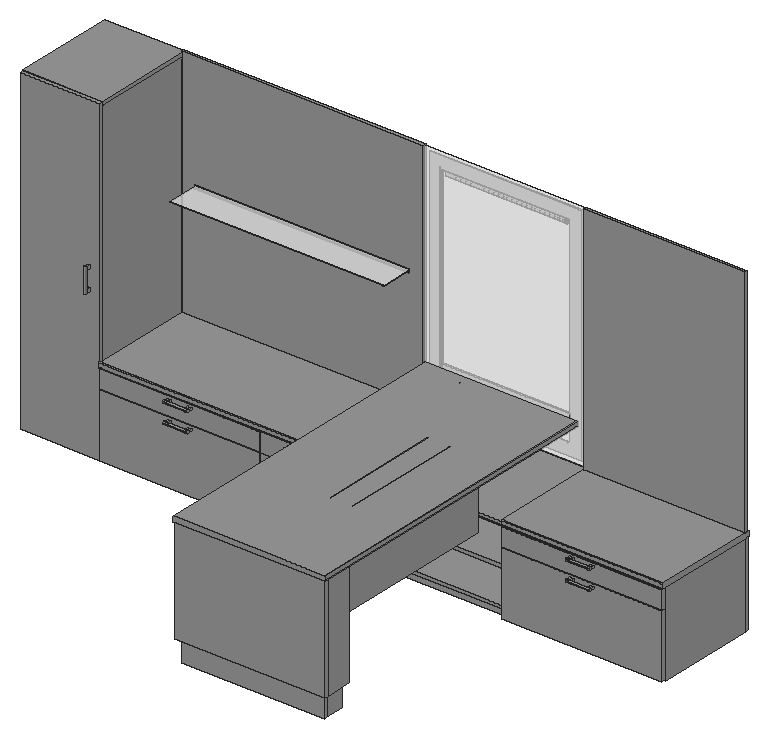
Revit family "JSI-Vision-Typical_Laminate-VST122", category Furniture, Revit 2020 (continued)
Definition of nested family "JSI-Vision-Adj_Height_Peninsula_Desk-Credenza"
  Dimensions and locks (in)
    locked: Extrusion 12 sketch curve to plane 8 at 11.96875
    plane 1 "Center Front/Back" to Extrusion 12 sketch curve to Extrusion 12 sketch curve = 4 3/8" locked, 3/4" locked
    Extrusion 12 to Extrusion 12 to plane 5 = 39 3/4" locked, 7.21481" locked
    equal spacing: plane 7, plane 9, plane 1 "Center Front/Back"
    plane 7 to Extrusion 14 sketch curve to Extrusion 14 sketch curve = 1 5/32" locked, 3/4" locked
    Extrusion 14 sketch curve to Extrusion 14 sketch curve to plane 5 = 6" locked, 0.90231" locked
    plane 3 "Center Left/Right" to Extrusion 15 sketch curve to Extrusion 15 sketch curve to Extrusion 15 sketch curve to Extrusion 15 sketch curve to Extrusion 15 sketch curve to Extrusion 15 sketch curve = 2 27/32" locked, 2 13/16" locked, 3/4" locked, 1/4" locked, 1 3/8" locked, 1/4" locked
    Extrusion 15 sketch curve to Extrusion 15 sketch curve to plane 9 to Extrusion 15 sketch curve to Extrusion 15 sketch curve = 1/4" locked, 1 3/8" locked, 1 3/8" locked, 1/4" locked
    locked: plane 6 to Extrusion 14 at 24.65625
    aligned and locked: level to plane 2
    aligned and locked: plane 6 to Extrusion 1 sketch curve
    aligned and locked: plane 8 to Extrusion 1 sketch curve
    aligned and locked: plane 3 "Center Left/Right" to Extrusion 2 sketch curve
    aligned and locked: Extrusion 2 to plane 1 "Center Front/Back"
    aligned and locked: plane 7 to Extrusion 2
    aligned and locked: Extrusion 3 sketch curve to Extrusion 2
    aligned and locked: Extrusion 4 sketch curve to Extrusion 4 sketch curve  (x2)
    aligned and locked: Extrusion 4 to Extrusion 2
    aligned and locked: Extrusion 4 to plane 4
    aligned and locked: Extrusion 5 sketch curve to plane 3 "Center Left/Right"
    aligned and locked: Extrusion 5 to plane 4
    aligned and locked: Extrusion 5 to Extrusion 2
    aligned and locked: Extrusion 3 to Extrusion 5
    aligned and locked: Extrusion 4 to Extrusion 3
    aligned and locked: Extrusion 7 to Extrusion 6
    aligned and locked: Extrusion 8 to plane 8
    aligned and locked: Extrusion 10 sketch curve to Extrusion 10 sketch curve  (x2)
    aligned and locked: Extrusion 7 to Extrusion 4  (x2)
    aligned and locked: Extrusion 11 sketch curve to Extrusion 7
    aligned and locked: Extrusion 7 to Extrusion 11 sketch curve
    aligned and locked: Extrusion 11 sketch curve to plane 4
    aligned and locked: plane 4 to Extrusion 11 sketch curve
    aligned and locked: Extrusion 11 to Extrusion 4  (x2)
    aligned and locked: Extrusion 12 sketch curve to plane 8
    aligned and locked: Extrusion 13 sketch curve to plane 8  (x2)
    aligned and locked: Extrusion 14 sketch curve to Extrusion 14 sketch curve  (x2)
    aligned and locked: Extrusion 13 to Extrusion 14  (x2)
    aligned and locked: Extrusion 14 to Extrusion 13
    aligned and locked: Extrusion 14 to plane 8
    aligned and locked: Extrusion 2 to nested 2
    aligned and locked: Extrusion 2 to Extrusion 15
    aligned and locked: Extrusion 3 to Extrusion 15
    aligned and locked: Extrusion 8 to Extrusion 14
    aligned and locked: cut or joined group of Extrusion 3, Extrusion 15 to Extrusion 6  (x2)
    aligned and locked: curve 1 to Extrusion 1
    aligned and locked: curve 2 to Extrusion 1
    aligned and locked: curve 3 to Extrusion 1
    aligned and locked: curve 4 to Extrusion 1
    aligned and locked: curve 11 to Extrusion 8
    aligned and locked: curve 12 to Extrusion 8
    aligned and locked: curve 13 to Extrusion 8
    aligned and locked: curve 14 to Extrusion 8
    aligned and locked: curve 23 to Extrusion 12
    aligned and locked: curve 24 to Extrusion 12
    aligned and locked: curve 25 to Extrusion 12
    aligned and locked: curve 26 to Extrusion 12
  Automatic sketch dimensions
    Extrusion 1 sketch curve to Extrusion 1 sketch curve = 0.11811"  (x2)
    Extrusion 1 sketch curve to plane 8 = 1/8"
    Extrusion 1 sketch curve to Extrusion 1 sketch curve = 0"
    plane 3 "Center Left/Right" to Extrusion 4 sketch curve = 3/4"
    Extrusion 4 sketch curve to Extrusion 4 sketch curve = 22 1/8"
    level to Extrusion 6 sketch curve = 1 31/32"
    plane 3 "Center Left/Right" to Extrusion 6 sketch curve = 8.67028"
    Extrusion 6 sketch curve to Extrusion 6 sketch curve = 3/4"
    plane 8 to Extrusion 6 sketch curve = 12 11/32"
    level to Extrusion 7 sketch curve = 9.23844"
    Extrusion 7 sketch curve to Extrusion 7 sketch curve = 3/4"  (x2)
    level to Extrusion 7 sketch curve = 1 31/32"
    Extrusion 7 sketch curve to Extrusion 7 sketch curve = 0.32972"
    Extrusion 13 sketch curve to plane 7 = 1 29/32"
    Extrusion 13 sketch curve to plane 9 = 4 1/8"
    Extrusion 13 sketch curve to Extrusion 13 sketch curve = 1/4"  (x2)
    plane 9 to Extrusion 13 sketch curve = 3 7/8"
    plane 1 "Center Front/Back" to Extrusion 13 sketch curve = 1 29/32"
    Extrusion 13 sketch curve to Extrusion 13 sketch curve = 2 19/32"
    level to Extrusion 13 sketch curve = 4 27/32"
    plane 1 "Center Front/Back" to Extrusion 14 sketch curve = 1 29/32"
    Extrusion 14 sketch curve to Extrusion 14 sketch curve = 3/4"
    Extrusion 15 sketch curve to Extrusion 15 sketch curve = 1/4"
    Extrusion 15 sketch curve to Extrusion 15 sketch curve = 1/8"  (x3)
    Extrusion 15 sketch curve to Extrusion 15 sketch curve = 2 9/16"
    plane 9 to Extrusion 15 sketch curve = 1.40621"
    Extrusion 15 sketch curve to Extrusion 15 sketch curve = 0.03129"
    plane 1 "Center Front/Back" to curve 5 = 0"
    curve 5 to plane 3 "Center Left/Right" = 0"
    plane 7 to curve 7 = 0"
    curve 1 to curve 7 = 22.21087"
    curve 20 to plane 7 = 1 5/32"
    curve 20 to curve 21 = 6"
    plane 1 "Center Front/Back" to curve 16 = 1 5/32"
    curve 20 to curve 18 = 25/32"
    curve 20 to curve 19 = 3/4"
    curve 16 to curve 15 = 3/4"
    curve 10 to curve 9 = 0"
    curve 15 to curve 12 = 0"
    curve 20 to curve 18 = 0"
    curve 9 to curve 23 = 1.28519"
    curve 25 to curve 16 = 5/16"
  Nested families (in)
    nested 1: "Mechanism Credenza" at (0, -18, 0) x (0, 1, 0) z (0, 0, 1), Width <- "Width", Height <- "Height", Upper Leg Finish <- "Upper Leg Finish", Low Leg Finish <- "Low Leg Finish", Support Finish <- "Support Finish", type "Mechanism Credenza"
      with Width 72", Upper Leg Finish none, Support Finish none, Low Leg Finish none, Height 29 1/2"
    nested 2: "Top Grommet" at (7.34375, -18, 19.53125) x (0, -1, 0) z (0, 0, 1), Gromett Finish <- "Grommet Finish", type "Top Grommet"
      with Gromett Finish none
  Definition of nested family "Mechanism Credenza"
    Parameters (values of type "Mechanism Credenza")
      Width [instance] = 71.91413"
      Support Finish [instance] = none
      Low Leg Finish [instance] = none
      Height [instance] = 29 1/2"
      Default Elevation = 0"
      Upper Leg Finish [instance] = none
    Reference planes (in)
      plane 1 "Center (Front/Back)": y = 0
      plane 2: z = 0
      plane 3 "Center (Left/Right)": x = 0
      plane 4: z = 29.5
      plane 5: y = -71.91413
    Forms (in)
      Extrusion 1, solid, material <- "Upper Leg Finish"
        sketch origin (0, 0, 0) x (1, 0, 0) y (0, 1, 0)
          loop
            line (1.09518, -3.07875) -> (-1.05049, -3.07875)
            arc (-1.05049, -3.07875) -> (-1.12009, -3.10758) -> (-1.14892, -3.17718) r 0.09843
            line (-1.14892, -3.17718) -> (-1.14892, -5.32285)
            arc (-1.14892, -5.32285) -> (-1.12009, -5.39244) -> (-1.05049, -5.42127) r 0.09843
            line (-1.05049, -5.42127) -> (1.09518, -5.42127)
            arc (1.09518, -5.42127) -> (1.16477, -5.39244) -> (1.1936, -5.32285) r 0.09843
            line (1.1936, -5.32285) -> (1.1936, -3.17718)
            arc (1.1936, -3.17718) -> (1.16477, -3.10758) -> (1.09518, -3.07875) r 0.09843
          loop
            line (1.09518, -67.36147) -> (-1.05049, -67.36147)
            arc (-1.05049, -67.36147) -> (-1.12009, -67.3903) -> (-1.14892, -67.45989) r 0.09843
            line (-1.14892, -67.45989) -> (-1.14892, -69.60556)
            arc (-1.14892, -69.60556) -> (-1.12009, -69.67516) -> (-1.05049, -69.70399) r 0.09843
            line (-1.05049, -69.70399) -> (1.09518, -69.70399)
            arc (1.09518, -69.70399) -> (1.16477, -69.67516) -> (1.1936, -69.60556) r 0.09843
            line (1.1936, -69.60556) -> (1.1936, -67.45989)
            arc (1.1936, -67.45989) -> (1.16477, -67.3903) -> (1.09518, -67.36147) r 0.09843
        from 2.63878 to 26.43059
      Extrusion 2, solid, material <- "Support Finish"
        sketch origin (0, 0, 0) x (0, 1, 0) y (0, 0, 1)
          loop
            line (-2.08391, 26.43059) -> (-2.08391, 28.19439) -> (-10.74533, 28.19439) -> (-10.74533, 28.006) -> (-10.18323, 28.006) -> (-9.68304, 26.43059) -> (-2.08391, 26.43059)
          loop
            line (-70.66868, 26.43059) -> (-63.06954, 26.43059) -> (-62.56935, 28.006) -> (-62.00726, 28.006) -> (-62.00726, 28.19439) -> (-70.66868, 28.19439) -> (-70.66868, 26.43059)
        from -1.89028 to 1.90897
      Extrusion 3, solid, material <- "Low Leg Finish"
        sketch origin (0, 0, 0) x (1, 0, 0) y (0, 1, 0)
          loop
            arc (-1.25894, -2.84375) -> (-1.34733, -2.88036) -> (-1.38394, -2.96875) r 0.125
            line (-1.38394, -2.96875) -> (-1.38394, -5.53125)
            arc (-1.38394, -5.53125) -> (-1.34733, -5.61964) -> (-1.25894, -5.65625) r 0.125
            line (-1.25894, -5.65625) -> (1.30356, -5.65625)
            arc (1.30356, -5.65625) -> (1.39194, -5.61964) -> (1.42856, -5.53125) r 0.125
            line (1.42856, -5.53125) -> (1.42856, -2.96875)
            arc (1.42856, -2.96875) -> (1.39194, -2.88036) -> (1.30356, -2.84375) r 0.125
            line (1.30356, -2.84375) -> (-1.25894, -2.84375)
          loop
            arc (-1.25894, -67.12648) -> (-1.34733, -67.16309) -> (-1.38394, -67.25148) r 0.125
            line (-1.38394, -67.25148) -> (-1.38394, -69.81398)
            arc (-1.38394, -69.81398) -> (-1.34733, -69.90237) -> (-1.25894, -69.93898) r 0.125
            line (-1.25894, -69.93898) -> (1.30356, -69.93898)
            arc (1.30356, -69.93898) -> (1.39194, -69.90237) -> (1.42856, -69.81398) r 0.125
            line (1.42856, -69.81398) -> (1.42856, -67.25148)
            arc (1.42856, -67.25148) -> (1.39194, -67.16309) -> (1.30356, -67.12648) r 0.125
            line (1.30356, -67.12648) -> (-1.25894, -67.12648)
        from 2.34351 to 26.07628
      Extrusion 4, solid, material <- "Support Finish"
        sketch origin (0, 0, 0) x (1, 0, 0) y (0, 0, 1)
          loop
            arc (-3.00155, 28.19439) -> (-3.05752, 28.17121) -> (-3.08071, 28.11524) r 0.07915
            line (-3.08071, 28.11524) -> (-3.08071, 27.09142)
            arc (-3.08071, 27.09142) -> (-3.05782, 27.03617) -> (-3.00258, 27.01329) r 0.07813
            line (-3.00258, 27.01329) -> (-1.97781, 27.01329)
            arc (-1.97781, 27.01329) -> (-1.92257, 27.03617) -> (-1.89968, 27.09142) r 0.07813
            line (-1.89968, 27.09142) -> (-1.89968, 28.11627)
            arc (-1.89968, 28.11627) -> (-1.92257, 28.17151) -> (-1.97781, 28.19439) r 0.07813
            line (-1.97781, 28.19439) -> (-3.00155, 28.19439)
          loop
            line (3.00155, 28.19439) -> (1.97781, 28.19439)
            arc (1.97781, 28.19439) -> (1.92257, 28.17151) -> (1.89968, 28.11627) r 0.07813
            line (1.89968, 28.11627) -> (1.89968, 27.09142)
            arc (1.89968, 27.09142) -> (1.92257, 27.03617) -> (1.97781, 27.01329) r 0.07813
            line (1.97781, 27.01329) -> (3.00258, 27.01329)
            arc (3.00258, 27.01329) -> (3.05782, 27.03617) -> (3.08071, 27.09142) r 0.07813
            line (3.08071, 27.09142) -> (3.08071, 28.11524)
            arc (3.08071, 28.11524) -> (3.05752, 28.17121) -> (3.00155, 28.19439) r 0.07915
        from 2.00714 to 22.37918
      Extrusion 5, solid, material <- "Support Finish"
        sketch origin (0, -17, 0) x (1, 0, 0) y (0, 0, 1)
          loop
            arc (1.97884, 28.19439) -> (1.92287, 28.17121) -> (1.89968, 28.11524) r 0.07915
            line (1.89968, 28.11524) -> (1.89968, 27.09142)
            arc (1.89968, 27.09142) -> (1.92257, 27.03617) -> (1.97781, 27.01329) r 0.07813
            line (1.97781, 27.01329) -> (3.00374, 27.01329)
            arc (3.00374, 27.01329) -> (3.05816, 27.03583) -> (3.08071, 27.09025) r 0.07696
            line (3.08071, 27.09025) -> (3.08071, 28.11627)
            arc (3.08071, 28.11627) -> (3.05782, 28.17151) -> (3.00258, 28.19439) r 0.07813
            line (3.00258, 28.19439) -> (1.97884, 28.19439)
          loop
            line (-1.97884, 28.19439) -> (-3.00258, 28.19439)
            arc (-3.00258, 28.19439) -> (-3.05782, 28.17151) -> (-3.08071, 28.11627) r 0.07813
            line (-3.08071, 28.11627) -> (-3.08071, 27.09142)
            arc (-3.08071, 27.09142) -> (-3.05782, 27.03617) -> (-3.00258, 27.01329) r 0.07813
            line (-3.00258, 27.01329) -> (-1.97781, 27.01329)
            arc (-1.97781, 27.01329) -> (-1.92257, 27.03617) -> (-1.89968, 27.09142) r 0.07813
            line (-1.89968, 27.09142) -> (-1.89968, 28.11524)
            arc (-1.89968, 28.11524) -> (-1.92287, 28.17121) -> (-1.97884, 28.19439) r 0.07915
        from 33.37475 to 53.7468
      Extrusion 6, solid, material <- "Support Finish"
        sketch origin (0.22987, 0, 0) x (0, 1, 0) y (0, 0, 1)
          loop
            line (-1.88903, 26.00187) -> (-1.88903, 28.15611)
            arc (-1.88903, 28.15611) -> (-1.93483, 28.26669) -> (-2.04542, 28.3125) r 0.15639
            line (-2.04542, 28.3125) -> (-4.44808, 28.3125) -> (-4.44808, 28.19439) -> (-2.04533, 28.19439)
            arc (-2.04533, 28.19439) -> (-2.01832, 28.18321) -> (-2.00714, 28.1562) r 0.03819
            line (-2.00714, 28.1562) -> (-2.00714, 26.00187) -> (-1.88903, 26.00187)
          loop
            line (-70.86491, 26.00187) -> (-70.7468, 26.00187) -> (-70.7468, 28.1562)
            arc (-70.7468, 28.1562) -> (-70.73561, 28.18321) -> (-70.70861, 28.19439) r 0.03819
            line (-70.70861, 28.19439) -> (-68.30586, 28.19439) -> (-68.30586, 28.3125) -> (-70.70852, 28.3125)
            arc (-70.70852, 28.3125) -> (-70.8191, 28.26669) -> (-70.86491, 28.15611) r 0.15639
            line (-70.86491, 28.15611) -> (-70.86491, 26.00187)
        from -9.60269 to 9.15282
      Extrusion 7, void
        sketch origin (0, 0, 0) x (1, 0, 0) y (0, 0, 1)
          loop
            line (-2.79029, 26.74713) -> (-8.93675, 27.38618)
            arc (-8.93675, 27.38618) -> (-9.17651, 27.50808) -> (-9.27297, 27.75917) r 0.375
            line (-9.27297, 27.75917) -> (-9.27297, 28.49501) -> (-9.54129, 28.49501) -> (-9.54129, 25.74501) -> (-2.04129, 25.74501) -> (-2.04129, 25.99501)
            arc (-2.04129, 25.99501) -> (-2.30982, 26.09635) -> (-2.42804, 26.3579) r 0.37501
            arc (-2.42804, 26.3579) -> (-2.53617, 26.62045) -> (-2.79029, 26.74713) r 0.40427
          loop
            arc (2.79029, 26.74713) -> (2.53617, 26.62045) -> (2.42804, 26.3579) r 0.40427
            arc (2.42804, 26.3579) -> (2.30982, 26.09635) -> (2.04129, 25.99501) r 0.37501
            line (2.04129, 25.99501) -> (2.04129, 25.74501) -> (9.54129, 25.74501) -> (9.54129, 28.49501) -> (9.27297, 28.49501) -> (9.27297, 27.75917)
            arc (9.27297, 27.75917) -> (9.17651, 27.50808) -> (8.93675, 27.38618) r 0.375
            line (8.93675, 27.38618) -> (2.79029, 26.74713)
        from 0 to 71.91413
      Extrusion 8, solid, material <- "Support Finish"
        sketch origin (0, 0, 0) x (1, 0, 0) y (0, 0, 1)
          loop
            line (-2.95998, 28.19439) -> (-2.95998, 27.49106)
            arc (-2.95998, 27.49106) -> (-2.94367, 27.42126) -> (-2.89811, 27.36592) r 0.15748
            arc (-2.89811, 27.36592) -> (-2.46785, 27.22036) -> (-2.03759, 27.36592) r 0.70866
            arc (-2.03759, 27.36592) -> (-1.99204, 27.42126) -> (-1.97573, 27.49106) r 0.15748
            line (-1.97573, 27.49106) -> (-1.97573, 28.19439) -> (-2.95998, 28.19439)
          loop
            line (2.95998, 28.19439) -> (1.97573, 28.19439) -> (1.97573, 27.49106)
            arc (1.97573, 27.49106) -> (1.99204, 27.42126) -> (2.03759, 27.36592) r 0.15748
            arc (2.03759, 27.36592) -> (2.46785, 27.22036) -> (2.89811, 27.36592) r 0.70866
            arc (2.89811, 27.36592) -> (2.94367, 27.42126) -> (2.95998, 27.49106) r 0.15748
            line (2.95998, 27.49106) -> (2.95998, 28.19439)
        from 19.69808 to 53.05586
      Extrusion 9, void
        sketch origin (0, 0, 0) x (1, 0, 0) y (0, 1, 0)
          loop
            arc (-4.45866, -3.56324) -> (-4.5685, -3.29807) -> (-4.83366, -3.18824) r 0.375
            line (-4.83366, -3.18824) -> (-8.91827, -3.18824)
            arc (-8.91827, -3.18824) -> (-9.15848, -3.09928) -> (-9.28281, -2.87532) r 0.3688
            line (-9.28281, -2.87532) -> (-9.50324, -2.87532) -> (-9.50324, -4.5913) -> (-4.04569, -4.5913) -> (-4.04569, -4.46735)
            arc (-4.04569, -4.46735) -> (-4.33771, -4.3464) -> (-4.45866, -4.05438) r 0.41297
            line (-4.45866, -4.05438) -> (-4.45866, -3.56324)
          loop
            line (4.45866, -3.56324) -> (4.45866, -4.05438)
            arc (4.45866, -4.05438) -> (4.33771, -4.3464) -> (4.04569, -4.46735) r 0.41297
            line (4.04569, -4.46735) -> (4.04569, -4.5913) -> (9.50324, -4.5913) -> (9.50324, -2.87532) -> (9.28281, -2.87532)
            arc (9.28281, -2.87532) -> (9.15848, -3.09928) -> (8.91827, -3.18824) r 0.3688
            line (8.91827, -3.18824) -> (4.83366, -3.18824)
            arc (4.83366, -3.18824) -> (4.5685, -3.29807) -> (4.45866, -3.56324) r 0.375
          loop
            line (-4.45866, -69.1907) -> (-4.45866, -68.69956)
            arc (-4.45866, -68.69956) -> (-4.33771, -68.40754) -> (-4.04569, -68.28659) r 0.41297
            line (-4.04569, -68.28659) -> (-4.04569, -68.16264) -> (-9.50324, -68.16264) -> (-9.50324, -69.87861) -> (-9.28281, -69.87861)
            arc (-9.28281, -69.87861) -> (-9.15848, -69.65466) -> (-8.91827, -69.5657) r 0.3688
            line (-8.91827, -69.5657) -> (-4.83366, -69.5657)
            arc (-4.83366, -69.5657) -> (-4.5685, -69.45586) -> (-4.45866, -69.1907) r 0.375
          loop
            arc (4.45866, -69.1907) -> (4.5685, -69.45586) -> (4.83366, -69.5657) r 0.375
            line (4.83366, -69.5657) -> (8.91827, -69.5657)
            arc (8.91827, -69.5657) -> (9.15848, -69.65466) -> (9.28281, -69.87861) r 0.3688
            line (9.28281, -69.87861) -> (9.50324, -69.87861) -> (9.50324, -68.16264) -> (4.04569, -68.16264) -> (4.04569, -68.28659)
            arc (4.04569, -68.28659) -> (4.33771, -68.40754) -> (4.45866, -68.69956) r 0.41297
            line (4.45866, -68.69956) -> (4.45866, -69.1907)
        from 29.5 to 25.5
    Cuts and joins
      Extrusion 7, Extrusion 9 cuts Extrusion 6
    Lines and regions (in)
      symbolic lines
        curve 1: line (9.27297, -1.88903, 0) -> (-9.27297, -1.88903, 0)
        curve 2: line (-3.08071, -49.98105, 0) -> (-1.89968, -49.98105, 0)
        curve 3: line (-1.89968, -49.98105, 0) -> (-1.89968, -68.30586, 0)
        curve 4: line (-3.08071, -49.98105, 0) -> (-3.08071, -68.30586, 0)
        curve 5: line (3.08071, -49.98105, 0) -> (3.08071, -68.30586, 0)
        curve 6: line (3.08071, -49.98105, 0) -> (1.89968, -49.98105, 0)
        curve 7: line (1.89968, -49.98105, 0) -> (1.89968, -68.30586, 0)
        curve 8: line (-1.89968, -22.77289, 0) -> (-3.08071, -22.77289, 0)
        curve 9: line (-3.08071, -22.77289, 0) -> (-3.08071, -4.44808, 0)
        curve 10: line (-1.89968, -22.77289, 0) -> (-1.89968, -4.44808, 0)
        curve 11: line (1.89968, -22.77289, 0) -> (3.08071, -22.77289, 0)
        curve 12: line (3.08071, -22.77289, 0) -> (3.08071, -4.44808, 0)
        curve 13: line (1.89968, -22.77289, 0) -> (1.89968, -4.44808, 0)
        curve 14: line (-2.95998, -22.77289, 0) -> (-2.95998, -49.98105, 0)
        curve 15: line (-1.97884, -49.98105, 0) -> (-1.97884, -22.76845, 0)
        curve 16: line (1.97781, -22.77289, 0) -> (1.97781, -49.98105, 0)
        curve 17: line (2.95998, -49.98105, 0) -> (2.95998, -22.77289, 0)
        curve 18: line (-8.91827, -3.18824, 0) -> (-4.83366, -3.18824, 0)
        curve 19: arc (-4.83366, -3.18824, 0) -> (-4.5685, -3.29807, 0) -> (-4.45866, -3.56324, 0) r 0.375
        curve 20: line (-4.45866, -3.56324, 0) -> (-4.45866, -4.05438, 0)
        curve 21: arc (-4.45866, -4.05438, 0) -> (-4.37888, -4.29837, 0) -> (-4.17037, -4.44808, 0) r 0.41297
        curve 22: line (-4.17037, -4.44808, 0) -> (4.17037, -4.44808, 0)
        curve 23: arc (4.17037, -4.44808, 0) -> (4.37888, -4.29837, 0) -> (4.45866, -4.05438, 0) r 0.41297
        curve 24: line (4.45866, -4.05438, 0) -> (4.45866, -3.56324, 0)
        curve 25: arc (4.45866, -3.56324, 0) -> (4.5685, -3.29807, 0) -> (4.83366, -3.18824, 0) r 0.375
        curve 26: line (4.83366, -3.18824, 0) -> (8.91827, -3.18824, 0)
        curve 27: arc (8.91827, -3.18824, 0) -> (9.14049, -3.11377, 0) -> (9.27297, -2.92044, 0) r 0.3688
        curve 28: line (9.27297, -2.92044, 0) -> (9.27297, -1.88903, 0)
        curve 29: line (9.27297, -1.88903, 0) -> (-9.27297, -1.88903, 0)
        curve 30: line (-9.27297, -1.88903, 0) -> (-9.27297, -2.92044, 0)
        curve 31: arc (-9.27297, -2.92044, 0) -> (-9.14049, -3.11377, 0) -> (-8.91827, -3.18824, 0) r 0.3688
        curve 32: line (-4.83366, -69.5657, 0) -> (-8.91827, -69.5657, 0)
        curve 33: arc (-8.91827, -69.5657, 0) -> (-9.14049, -69.64016, 0) -> (-9.27297, -69.83349, 0) r 0.3688
        curve 34: line (-9.27297, -69.83349, 0) -> (-9.27297, -70.86491, 0)
        curve 35: line (-9.27297, -70.86491, 0) -> (9.27297, -70.86491, 0)
        curve 36: line (9.27297, -70.86491, 0) -> (9.27297, -69.83349, 0)
        curve 37: arc (9.27297, -69.83349, 0) -> (9.14049, -69.64016, 0) -> (8.91827, -69.5657, 0) r 0.3688
        curve 38: line (8.91827, -69.5657, 0) -> (4.83366, -69.5657, 0)
        curve 39: arc (4.83366, -69.5657, 0) -> (4.5685, -69.45586, 0) -> (4.45866, -69.1907, 0) r 0.375
        curve 40: line (4.45866, -69.1907, 0) -> (4.45866, -68.69956, 0)
        curve 41: arc (4.45866, -68.69956, 0) -> (4.37888, -68.45557, 0) -> (4.17037, -68.30586, 0) r 0.41297
        curve 42: line (4.17037, -68.30586, 0) -> (-4.17037, -68.30586, 0)
        curve 43: arc (-4.17037, -68.30586, 0) -> (-4.37888, -68.45557, 0) -> (-4.45866, -68.69956, 0) r 0.41297
        curve 44: line (-4.45866, -68.69956, 0) -> (-4.45866, -69.1907, 0)
        curve 45: arc (-4.45866, -69.1907, 0) -> (-4.5685, -69.45586, 0) -> (-4.83366, -69.5657, 0) r 0.375
    Dimensions and locks (in)
      plane 2 to Extrusion 3 to Extrusion 3 = 2.34351", 23.73278"
      "Height": plane 2 to plane 4
      Extrusion 1 to Extrusion 1 to plane 4 = 23.79181" locked, 3.06941" locked
      Extrusion 2 sketch curve to Extrusion 2 sketch curve to Extrusion 2 sketch curve to plane 4 = 1.57541" locked, 0.18839" locked, 1.30561" locked  (x2)
      plane 1 "Center (Front/Back)" to Extrusion 4 to Extrusion 8 to Extrusion 4 = 2.00714" locked, 17.69094" locked, 2.6811" locked
      Extrusion 4 sketch curve to Extrusion 4 sketch curve to Extrusion 4 sketch curve to Extrusion 4 sketch curve to plane 3 "Center (Left/Right)" to Extrusion 4 sketch curve to Extrusion 4 sketch curve to Extrusion 4 sketch curve to Extrusion 4 sketch curve = 0.07915" locked, 1.02374" locked, 5/64" locked, 1.89968" locked, 1.89968" locked, 5/64" locked, 1.02374" locked, 0.07915" locked
      plane 4 to Extrusion 4 sketch curve to Extrusion 4 sketch curve to Extrusion 4 sketch curve to Extrusion 4 sketch curve = 1.30561" locked, 0.07915" locked, 1.02382" locked, 5/64" locked
      plane 1 "Center (Front/Back)" to Extrusion 2 sketch curve to Extrusion 2 sketch curve to Extrusion 2 sketch curve to Extrusion 2 sketch curve = 2.08391" locked, 7.59913" locked, 0.50019" locked, 0.5621" locked
      Extrusion 3 sketch curve to plane 3 "Center (Left/Right)" to Extrusion 3 sketch curve = 1.38394" locked, 1.42856" locked
      Extrusion 3 sketch curve to Extrusion 3 sketch curve to plane 1 "Center (Front/Back)" = 2 13/16" locked, 2 27/32" locked
      Extrusion 3 sketch curve to Extrusion 3 sketch curve to plane 5 = 2 13/16" locked, 1.97515" locked
      Extrusion 1 sketch curve to Extrusion 1 sketch curve to plane 5 = 2.34252" locked, 2.21014" locked
      Extrusion 5 to Extrusion 8 to Extrusion 5 to plane 5 = 2.6811" locked, 17.69094" locked, 1.16733" locked
      Extrusion 5 sketch curve to Extrusion 5 sketch curve to Extrusion 5 sketch curve to Extrusion 5 sketch curve to Extrusion 5 sketch curve to Extrusion 5 sketch curve to Extrusion 5 sketch curve to Extrusion 5 sketch curve = 5/64" locked, 1.02374" locked, 0.07915" locked, 3.79937" locked, 0.07915" locked, 1.02374" locked, 5/64" locked
      plane 4 to Extrusion 5 sketch curve to Extrusion 5 sketch curve to Extrusion 5 sketch curve to Extrusion 5 sketch curve = 1.30561" locked, 0.07915" locked, 1.02382" locked, 5/64" locked
      plane 1 "Center (Front/Back)" to Extrusion 6 sketch curve to Extrusion 6 sketch curve to Extrusion 6 sketch curve to Extrusion 6 sketch curve = 1.88903" locked, 0.11811" locked, 0.03819" locked, 2.40275" locked
      Extrusion 6 sketch curve to Extrusion 6 sketch curve to Extrusion 6 sketch curve to Extrusion 6 sketch curve to plane 5 = 2.40275" locked, 0.03819" locked, 0.11811" locked, 1.04922" locked
      Extrusion 6 to plane 3 "Center (Left/Right)" to Extrusion 6 = 9.37282" locked, 9.38268" locked
      Extrusion 7 sketch curve to Extrusion 7 sketch curve to Extrusion 7 sketch curve to Extrusion 7 sketch curve to Extrusion 7 sketch curve to Extrusion 7 sketch curve to plane 3 "Center (Left/Right)" to Extrusion 7 sketch curve to Extrusion 7 sketch curve to Extrusion 7 sketch curve to Extrusion 7 sketch curve to Extrusion 7 sketch curve to Extrusion 7 sketch curve = 0.26831" locked, 3/8" locked, 6.06587" locked, 0.77888" locked, 0.01193" locked, 2.04129" locked, 2.04129" locked, 0.01193" locked, 0.77888" locked, 6.06587" locked, 3/8" locked, 0.26831" locked
      plane 4 to Extrusion 7 sketch curve to Extrusion 7 sketch curve to Extrusion 7 sketch curve to Extrusion 7 sketch curve to Extrusion 7 sketch curve = 1.00499" locked, 0.73585" locked, 1.38933" locked, 0.0248" locked, 0.60002" locked
      plane 5 to Extrusion 2 sketch curve to Extrusion 2 sketch curve to Extrusion 2 sketch curve to Extrusion 2 sketch curve = 1.24545" locked, 7.59913" locked, 0.50019" locked, 0.5621" locked
      plane 4 to Extrusion 8 sketch curve to Extrusion 8 sketch curve to Extrusion 8 sketch curve to Extrusion 8 sketch curve = 1.30561" locked, 0.26537" locked, 0.43796" locked, 0" locked
      Extrusion 8 sketch curve to Extrusion 8 sketch curve to Extrusion 8 sketch curve to Extrusion 8 sketch curve to Extrusion 8 sketch curve to plane 3 "Center (Left/Right)" to Extrusion 8 sketch curve to Extrusion 8 sketch curve to Extrusion 8 sketch curve to Extrusion 8 sketch curve to Extrusion 8 sketch curve = 0.15748" locked, 0.33465" locked, 0.33465" locked, 0.15748" locked, 1.97573" locked, 1.97573" locked, 0.15748" locked, 0.33465" locked, 0.33465" locked, 0.15748" locked
      "Width": plane 1 "Center (Front/Back)" to plane 5
      Extrusion 9 sketch curve to Extrusion 9 sketch curve to Extrusion 9 sketch curve to Extrusion 9 sketch curve to Extrusion 9 sketch curve to Extrusion 9 sketch curve to plane 1 "Center (Front/Back)" = 0.53691" locked, 0.49114" locked, 3/8" locked, 0.31292" locked, 0.05588" locked, 2.81944" locked
      Extrusion 9 sketch curve to Extrusion 9 sketch curve to Extrusion 9 sketch curve to Extrusion 9 sketch curve to Extrusion 9 sketch curve to Extrusion 9 sketch curve to plane 5 = 0.53691" locked, 0.49114" locked, 3/8" locked, 0.31292" locked, 0.05588" locked, 1.97963" locked
      locked: Extrusion 9 to Extrusion 9 at 4
      aligned and locked: plane 2 to level
      aligned and locked: Extrusion 1 to Extrusion 2
      aligned and locked: Extrusion 4 sketch curve to Extrusion 4 sketch curve
      aligned and locked: Extrusion 3 sketch curve to Extrusion 3 sketch curve  (x2)
      aligned and locked: Extrusion 1 sketch curve to Extrusion 1 sketch curve  (x2)
      aligned and locked: Extrusion 5 sketch curve to Extrusion 5 sketch curve
      aligned and locked: Extrusion 6 sketch curve to Extrusion 6 sketch curve  (x2)
      aligned and locked: Extrusion 7 sketch curve to Extrusion 7 sketch curve  (x2)
      aligned and locked: Extrusion 7 to plane 1 "Center (Front/Back)"
      aligned and locked: Extrusion 7 to plane 5
      aligned and locked: Extrusion 4 to cut or joined group of Extrusion 6, Extrusion 7, Extrusion 9
      aligned and locked: Extrusion 5 to cut or joined group of Extrusion 6, Extrusion 7, Extrusion 9
      aligned and locked: Extrusion 8 sketch curve to Extrusion 8 sketch curve
      aligned and locked: Extrusion 8 to curve 14
      aligned and locked: Extrusion 4 to curve 16
      aligned and locked: Extrusion 8 to curve 17
      aligned and locked: Extrusion 9 sketch curve to Extrusion 9 sketch curve  (x6)
      aligned and locked: Extrusion 9 to plane 4
      aligned and locked: curve 19 to cut or joined group of Extrusion 6, Extrusion 7, Extrusion 9
      aligned and locked: curve 21 to cut or joined group of Extrusion 6, Extrusion 7, Extrusion 9
      aligned and locked: curve 22 to cut or joined group of Extrusion 6, Extrusion 7, Extrusion 9
      aligned and locked: curve 23 to cut or joined group of Extrusion 6, Extrusion 7, Extrusion 9
      aligned and locked: curve 25 to cut or joined group of Extrusion 6, Extrusion 7, Extrusion 9
      aligned and locked: curve 27 to cut or joined group of Extrusion 6, Extrusion 7, Extrusion 9
      aligned and locked: curve 31 to cut or joined group of Extrusion 6, Extrusion 7, Extrusion 9
      aligned and locked: curve 29 to cut or joined group of Extrusion 6, Extrusion 7, Extrusion 9
      aligned and locked: curve 33 to cut or joined group of Extrusion 6, Extrusion 7, Extrusion 9
      aligned and locked: curve 37 to cut or joined group of Extrusion 6, Extrusion 7, Extrusion 9
      aligned and locked: curve 41 to cut or joined group of Extrusion 6, Extrusion 7, Extrusion 9
      aligned and locked: curve 42 to cut or joined group of Extrusion 6, Extrusion 7, Extrusion 9
      aligned and locked: curve 45 to cut or joined group of Extrusion 6, Extrusion 7, Extrusion 9
      aligned and locked: curve 35 to cut or joined group of Extrusion 6, Extrusion 7, Extrusion 9
    Automatic sketch dimensions
      curve 8 to curve 14 = 0.12073"
      curve 4 to curve 14 = 0.12073"
      curve 14 to curve 3 = 1.06029"
      curve 14 to curve 10 = 1.06029"
      curve 6 to curve 16 = 5/64"
      curve 13 to curve 16 = 5/64"
      curve 17 to curve 11 = 0.12073"
      curve 17 to curve 5 = 0.12073"
      curve 4 to curve 4 = 18.3248"
      curve 2 to curve 7 = 0"
      curve 8 to curve 11 = 0"
      curve 15 to curve 2 = 0.07915"
      curve 8 to curve 15 = 0.00443"
      Extrusion 1 sketch curve to plane 3 "Center (Left/Right)" = 1.14892"
      Extrusion 1 sketch curve to Extrusion 1 sketch curve = 0.09843"  (x5)
      plane 3 "Center (Left/Right)" to Extrusion 1 sketch curve = 1.09518"  (x4)
      plane 1 "Center (Front/Back)" to Extrusion 1 sketch curve = 5.42127"
      Extrusion 1 sketch curve to Extrusion 1 sketch curve = 2.14567"
      Extrusion 3 sketch curve to Extrusion 3 sketch curve = 1/8"  (x8)
      Extrusion 4 sketch curve to Extrusion 4 sketch curve = 5/64"  (x3)
      Extrusion 4 sketch curve to Extrusion 4 sketch curve = 1.10195"
      Extrusion 5 sketch curve to plane 3 "Center (Left/Right)" = 3.08071"
      Extrusion 5 sketch curve to Extrusion 5 sketch curve = 5/64"  (x2)
      Extrusion 5 sketch curve to Extrusion 5 sketch curve = 0.07696"
      Extrusion 5 sketch curve to Extrusion 5 sketch curve = 1.10195"
      Extrusion 6 sketch curve to Extrusion 6 sketch curve = 0.00009"  (x2)
      plane 4 to Extrusion 6 sketch curve = 3.49813"  (x2)
      plane 4 to Extrusion 6 sketch curve = 1.34389"
      Extrusion 6 sketch curve to Extrusion 6 sketch curve = 0.0001"
      plane 4 to Extrusion 7 sketch curve = 2.11382"  (x2)
      Extrusion 7 sketch curve to Extrusion 7 sketch curve = 0.04181"  (x2)
      Extrusion 7 sketch curve to Extrusion 7 sketch curve = 0.03878"
      Extrusion 7 sketch curve to Extrusion 7 sketch curve = 1/4"  (x2)
      Extrusion 7 sketch curve to Extrusion 7 sketch curve = 0.35002"
      Extrusion 7 sketch curve to Extrusion 7 sketch curve = 0.37482"
      Extrusion 7 sketch curve to Extrusion 7 sketch curve = 0.4021"  (x2)
      Extrusion 8 sketch curve to Extrusion 8 sketch curve = 0.70334"  (x2)
      Extrusion 8 sketch curve to Extrusion 8 sketch curve = 0.43796"
      Extrusion 8 sketch curve to Extrusion 8 sketch curve = 0"  (x2)
      Extrusion 9 sketch curve to plane 3 "Center (Left/Right)" = 9.50324"  (x2)
      Extrusion 9 sketch curve to Extrusion 9 sketch curve = 0.22043"  (x3)
      Extrusion 9 sketch curve to Extrusion 9 sketch curve = 4.08461"  (x4)
      Extrusion 9 sketch curve to Extrusion 9 sketch curve = 0.41297"  (x4)
      plane 5 to Extrusion 9 sketch curve = 3.21457"
      plane 3 "Center (Left/Right)" to Extrusion 9 sketch curve = 4.04569"  (x2)
      Extrusion 9 sketch curve to Extrusion 9 sketch curve = 3/8"  (x2)
      plane 5 to Extrusion 9 sketch curve = 1.97963"
      Extrusion 9 sketch curve to Extrusion 9 sketch curve = 0.36454"
      Extrusion 9 sketch curve to Extrusion 9 sketch curve = 0.58497"
      Extrusion 9 sketch curve to Extrusion 9 sketch curve = 0.12394"
      curve 9 to curve 9 = 18.3248"
      curve 26 to curve 28 = 0.2678"
      curve 18 to curve 30 = 0.2678"
      curve 43 to curve 42 = 0.2883"
      curve 43 to curve 43 = 0.12467"
      curve 40 to curve 38 = 3/8"
      curve 33 to curve 34 = 0.101"
      curve 37 to curve 36 = 0.101"
  Definition of nested family "Top Grommet"
    Parameters (values of type "Top Grommet")
      Gromett Finish [instance] = none
      Default Elevation = 0"
    Reference planes (in)
      plane 1 "Center Front/Back": y = 0
      plane 2: z = 0
      plane 3 "Center Left/Right": x = 0
    Forms (in)
      Sweep 1, solid, material <- "Gromett Finish"
        path origin (0, 0, 0) x (1, 0, 0) y (0, 1, 0)
          loop
            line (-1.75, 0.6875) -> (-1.75, -0.6875)
            arc (-1.75, -0.6875) -> (-1.64016, -0.95267) -> (-1.375, -1.0625) r 0.375
            line (-1.375, -1.0625) -> (1.375, -1.0625)
            arc (1.375, -1.0625) -> (1.64016, -0.95267) -> (1.75, -0.6875) r 0.375
            line (1.75, -0.6875) -> (1.75, 0.6875)
            arc (1.75, 0.6875) -> (1.64016, 0.95267) -> (1.375, 1.0625) r 0.375
            line (1.375, 1.0625) -> (-1.375, 1.0625)
            arc (-1.375, 1.0625) -> (-1.64016, 0.95267) -> (-1.75, 0.6875) r 0.375
        profile origin (-1.75, 0, 0) x (1, 0, 0) y (0, 0, 1)
          loop
            line (0.1875, 0) -> (0.1875, 0.03125) -> (0.08268, 0.03125)
            arc (0.08268, 0.03125) -> (0.03849, 0.02318) -> (0, 0) r 0.125
            line (0, 0) -> (0.1875, 0)
      Extrusion 2, solid, material <- "Gromett Finish"
        sketch origin (0, 0, 0) x (1, 0, 0) y (0, 1, 0)
          loop
            line (0.59375, 0.40625) -> (-0.59375, 0.40625)
            arc (-0.59375, 0.40625) -> (-0.77053, 0.33303) -> (-0.84375, 0.15625) r 0.25
            line (-0.84375, 0.15625) -> (-0.84375, -0.15625)
            arc (-0.84375, -0.15625) -> (-0.77053, -0.33303) -> (-0.59375, -0.40625) r 0.25
            line (-0.59375, -0.40625) -> (0.59375, -0.40625)
            arc (0.59375, -0.40625) -> (0.77053, -0.33303) -> (0.84375, -0.15625) r 0.25
            line (0.84375, -0.15625) -> (0.84375, 0.15625)
            arc (0.84375, 0.15625) -> (0.77053, 0.33303) -> (0.59375, 0.40625) r 0.25
          loop
            line (1.375, 0.85938) -> (-1.375, 0.85938)
            arc (-1.375, 0.85938) -> (-1.49653, 0.80903) -> (-1.54687, 0.6875) r 0.17188
            line (-1.54687, 0.6875) -> (-1.54687, -0.6875)
            arc (-1.54687, -0.6875) -> (-1.49653, -0.80903) -> (-1.375, -0.85937) r 0.17187
            line (-1.375, -0.85937) -> (1.375, -0.85937)
            arc (1.375, -0.85937) -> (1.49653, -0.80903) -> (1.54687, -0.6875) r 0.17188
            line (1.54687, -0.6875) -> (1.54687, 0.6875)
            arc (1.54687, 0.6875) -> (1.49653, 0.80903) -> (1.375, 0.85938) r 0.17188
        from -0.09375 to 0.03125
    Lines and regions (in)
      symbolic lines
        curve 1: line (-1.75, 0.6875, 0) -> (-1.75, -0.6875, 0)
        curve 2: arc (-1.75, -0.6875, 0) -> (-1.64016, -0.95267, 0) -> (-1.375, -1.0625, 0) r 0.375
        curve 3: line (-1.375, -1.0625, 0) -> (1.375, -1.0625, 0)
        curve 4: arc (1.375, -1.0625, 0) -> (1.64016, -0.95267, 0) -> (1.75, -0.6875, 0) r 0.375
        curve 5: line (1.75, -0.6875, 0) -> (1.75, 0.6875, 0)
        curve 6: arc (1.75, 0.6875, 0) -> (1.64016, 0.95267, 0) -> (1.375, 1.0625, 0) r 0.375
        curve 7: line (1.375, 1.0625, 0) -> (-1.375, 1.0625, 0)
        curve 8: arc (-1.375, 1.0625, 0) -> (-1.64016, 0.95267, 0) -> (-1.75, 0.6875, 0) r 0.375
        curve 9: line (0.59375, 0.40625, 0) -> (-0.59375, 0.40625, 0)
        curve 10: arc (-0.59375, 0.40625, 0) -> (-0.77053, 0.33303, 0) -> (-0.84375, 0.15625, 0) r 0.25
        curve 11: line (-0.84375, 0.15625, 0) -> (-0.84375, -0.15625, 0)
        curve 12: arc (-0.84375, -0.15625, 0) -> (-0.77053, -0.33303, 0) -> (-0.59375, -0.40625, 0) r 0.25
        curve 13: line (-0.59375, -0.40625, 0) -> (0.59375, -0.40625, 0)
        curve 14: arc (0.59375, -0.40625, 0) -> (0.77053, -0.33303, 0) -> (0.84375, -0.15625, 0) r 0.25
        curve 15: line (0.84375, -0.15625, 0) -> (0.84375, 0.15625, 0)
        curve 16: arc (0.84375, 0.15625, 0) -> (0.77053, 0.33303, 0) -> (0.59375, 0.40625, 0) r 0.25
    Dimensions and locks (in)
      aligned and locked: level to plane 2
Definition of nested family "JSI-Vision-Wall_Panel_Laminate"
  Parameters (values of type "Type Catalog")
    Width = 60"
    URL = "www.jsifurniture.com"
    Type Comments = ""
    Series = "Vision Casegoods"  # constant formula
    Model = "Type Catalog"
    Material = ""
    Manufacturer = "JSI"  # constant formula
    Keynote = "12500"  # constant formula
    SVX Enviromental Website = "http://www.jsifurniture.com/jsi_sustainability_intro.php"
    Height = 25"
    Hardware Finish = none
    Description = "Type Catalog"
    Depth = 15/16"
    Panel Finish = none
    Default Elevation = 0"
    Assembly Code = "E2020200"
  Reference planes (in)
    plane 1 "Center Front/Back": y = 0
    plane 2: z = 0
    plane 3 "Center Left/Right": x = 0
    plane 4: z = 0
    plane 5: z = 54.5
    plane 6: x = 60
    plane 7: y = -0.9375
    plane 8: z = 29.5
  Forms (in)
    Extrusion 1, solid, material <- "Panel Finish"
      sketch origin (0, -0.25, 0) x (1, 0, 0) y (0, 0, 1)
        loop
          line (0, 54.5) -> (0, 29.5) -> (60, 29.5) -> (60, 54.5) -> (0, 54.5)
      from 0.03002 to 0.6875
    Extrusion 2, solid, material <- "Hardware Finish"
      sketch origin (0, 0, 0) x (0, 1, 0) y (0, 0, 1)
        loop
          line (0, 36.40108) -> (0, 39.0625) -> (-0.28002, 39.0625) -> (-0.28002, 36.40108) -> (-0.20128, 36.40108) -> (-0.20128, 36.95226) -> (-0.07874, 36.95226) -> (-0.07874, 36.40108) -> (0, 36.40108)
      from 32.33858 to 3.66142
    Extrusion 3, solid, material <- "Hardware Finish"
      sketch origin (0, 0, 0) x (0, 1, 0) y (0, 0, 1)
        loop
          line (-0.1808, 36.95191) -> (-0.1808, 36.15) -> (-0.0558, 36.15) -> (-0.0558, 35.15) -> (0.0192, 35.15) -> (0.0192, 35.23062)
          arc (0.0192, 35.23062) -> (-0.01092, 35.26074) -> (0.0192, 35.29087) r 0.03012
          line (0.0192, 35.29087) -> (0.0192, 35.35562)
          arc (0.0192, 35.35562) -> (-0.01092, 35.38574) -> (0.0192, 35.41587) r 0.03012
          line (0.0192, 35.41587) -> (0.0192, 35.48062)
          arc (0.0192, 35.48062) -> (-0.01092, 35.51074) -> (0.0192, 35.54087) r 0.03012
          line (0.0192, 35.54087) -> (0.0192, 35.60562)
          arc (0.0192, 35.60562) -> (-0.01092, 35.63574) -> (0.0192, 35.66587) r 0.03012
          line (0.0192, 35.66587) -> (0.0192, 35.73062)
          arc (0.0192, 35.73062) -> (-0.01092, 35.76074) -> (0.0192, 35.79087) r 0.03012
          line (0.0192, 35.79087) -> (0.0192, 35.85562)
          arc (0.0192, 35.85562) -> (-0.01092, 35.88574) -> (0.0192, 35.91587) r 0.03012
          line (0.0192, 35.91587) -> (0.0192, 35.98062)
          arc (0.0192, 35.98062) -> (-0.01092, 36.01074) -> (0.0192, 36.04087) r 0.03012
          line (0.0192, 36.04087) -> (0.0192, 36.4) -> (-0.0858, 36.4) -> (-0.0858, 36.95191) -> (-0.1808, 36.95191)
        loop
          line (-0.1808, 51.38941) -> (-0.1808, 50.5875) -> (-0.0558, 50.5875) -> (-0.0558, 49.5875) -> (0.0192, 49.5875) -> (0.0192, 49.66812)
          arc (0.0192, 49.66812) -> (-0.01092, 49.69824) -> (0.0192, 49.72837) r 0.03012
          line (0.0192, 49.72837) -> (0.0192, 49.79312)
          arc (0.0192, 49.79312) -> (-0.01092, 49.82324) -> (0.0192, 49.85337) r 0.03012
          line (0.0192, 49.85337) -> (0.0192, 49.91812)
          arc (0.0192, 49.91812) -> (-0.01092, 49.94824) -> (0.0192, 49.97837) r 0.03012
          line (0.0192, 49.97837) -> (0.0192, 50.04312)
          arc (0.0192, 50.04312) -> (-0.01092, 50.07324) -> (0.0192, 50.10337) r 0.03012
          line (0.0192, 50.10337) -> (0.0192, 50.16812)
          arc (0.0192, 50.16812) -> (-0.01092, 50.19824) -> (0.0192, 50.22837) r 0.03012
          line (0.0192, 50.22837) -> (0.0192, 50.29312)
          arc (0.0192, 50.29312) -> (-0.01092, 50.32324) -> (0.0192, 50.35337) r 0.03012
          line (0.0192, 50.35337) -> (0.0192, 50.41812)
          arc (0.0192, 50.41812) -> (-0.01092, 50.44824) -> (0.0192, 50.47837) r 0.03012
          line (0.0192, 50.47837) -> (0.0192, 50.8375) -> (-0.0858, 50.8375) -> (-0.0858, 51.38941) -> (-0.1808, 51.38941)
      from 55.715 to 4.285
  Lines and regions (in)
    symbolic lines
      curve 1: line (0, -0.28002, 0) -> (60, -0.28002, 0)
      curve 2: line (0, -0.9375, 0) -> (0, -0.28002, 0)
      curve 3: line (60, -0.9375, 0) -> (0, -0.9375, 0)
      curve 4: line (60, -0.28002, 0) -> (60, -0.9375, 0)
      curve 5: line (1, -0.28002, 0) -> (1, 0, 0)
      curve 6: line (1, 0, 0) -> (59, 0, 0)
      curve 7: line (59, 0, 0) -> (59, -0.28002, 0)
  Dimensions and locks (in)
    "Width": plane 3 "Center Left/Right" to plane 6
    "Depth": plane 1 "Center Front/Back" to plane 7
    locked: plane 1 "Center Front/Back" to Extrusion 1 at 0.28002
    locked: plane 8 to plane 4 at 29.5
    "Height": plane 5 to plane 8
    Extrusion 2 sketch curve to Extrusion 2 sketch curve to Extrusion 2 sketch curve to plane 8 = 2.11024" locked, 0.55118" locked, 6.90108" locked
    plane 8 to Extrusion 3 sketch curve to Extrusion 3 sketch curve to Extrusion 3 sketch curve to Extrusion 3 sketch curve to Extrusion 3 sketch curve to Extrusion 3 sketch curve to Extrusion 3 sketch curve to Extrusion 3 sketch curve to Extrusion 3 sketch curve to Extrusion 3 sketch curve to Extrusion 3 sketch curve = 5.65" locked, 0.11074" locked, 1/8" locked, 1/8" locked, 1/8" locked, 1/8" locked, 1/8" locked, 1/8" locked, 0.13926" locked, 1/4" locked, 0.55191" locked
    Extrusion 3 sketch curve to Extrusion 3 sketch curve to Extrusion 3 sketch curve to Extrusion 3 sketch curve to Extrusion 3 sketch curve to Extrusion 3 sketch curve to Extrusion 3 sketch curve to Extrusion 3 sketch curve to Extrusion 3 sketch curve to Extrusion 3 sketch curve to Extrusion 3 sketch curve to plane 5 = 0.11074" locked, 1/8" locked, 1/8" locked, 1/8" locked, 1/8" locked, 1/8" locked, 1/8" locked, 0.13926" locked, 1/4" locked, 0.55191" locked, 3.11059" locked
    locked: plane 3 "Center Left/Right" to Extrusion 3 at 4.285
    locked: plane 6 to Extrusion 3 at 4.285
    aligned and locked: level to plane 2
    aligned and locked: plane 3 "Center Left/Right" to Extrusion 1 sketch curve
    aligned and locked: plane 6 to Extrusion 1 sketch curve
    aligned and locked: Extrusion 1 to plane 7
    aligned and locked: Extrusion 1 to plane 6
    aligned and locked: Extrusion 1 to plane 3 "Center Left/Right"
    aligned and locked: Extrusion 1 to plane 8
    aligned and locked: Extrusion 2 sketch curve to Extrusion 2 sketch curve
    aligned and locked: curve 1 to Extrusion 1
    aligned and locked: curve 2 to Extrusion 1
    aligned and locked: curve 3 to Extrusion 1
    aligned and locked: curve 4 to Extrusion 1
  Automatic sketch dimensions
    Extrusion 1 sketch curve to plane 8 = 0"
    Extrusion 1 sketch curve to plane 5 = 0"
    Extrusion 2 sketch curve to plane 1 "Center Front/Back" = 0"
    plane 1 "Center Front/Back" to Extrusion 2 sketch curve = 0.07874"
    Extrusion 2 sketch curve to Extrusion 2 sketch curve = 0.12254"
    Extrusion 2 sketch curve to Extrusion 2 sketch curve = 0.07874"
    plane 1 "Center Front/Back" to Extrusion 3 sketch curve = 0.1808"  (x2)
    plane 1 "Center Front/Back" to Extrusion 3 sketch curve = 0.0858"  (x2)
    plane 1 "Center Front/Back" to Extrusion 3 sketch curve = 0.0558"  (x2)
    Extrusion 3 sketch curve to plane 1 "Center Front/Back" = 0.0192"  (x2)
    Extrusion 3 sketch curve to Extrusion 3 sketch curve = 0.03012"  (x14)
    plane 1 "Center Front/Back" to curve 6 = 0"
    plane 3 "Center Left/Right" to curve 6 = 1"
    curve 7 to curve 1 = 1"
Definition of nested family "JSI-Vision-Wall_Panel_Markerboard_Laminate-Glass_Shelf"
  Parameters (values of type "Wall Panel with Glass Shelf - Type Catalog")
    Width = 60"
    URL = "www.jsifurniture.com"
    Type Comments = ""
    Two Shelves [instance] = yes
    Shelf Finish = none
    Series = "Vision Casegoods"  # constant formula
    Qty Shelf [instance] = if(One Shelf, 1, 2)  # 2
    Overall Height = 72"  # constant formula
    One Shelf [instance] = no
    Model = "Type Catalog"
    Manufacturer = "JSI"  # constant formula
    Keynote = "12500"  # constant formula
    SVX Enviromental Website = "http://www.jsifurniture.com/jsi_sustainability_intro.php"
    Height = 42 1/2"
    Hardware Finish = none
    Dist Shelf [instance] = if(and(One Shelf), Height / 2, if(and(Two Shelves, Height = 54 1/2"), 18 5/32", if(and(Two Shelves, Height = 52 3/16"), 17 13/32", if(and(Two Shelves, Height = 42 1/2"), 14 5/32", 13 3/256"))))  # 14 5/32"
    Description = "Type Catalog"
    Depth = 7 15/16"
    Panel Finish = none
    Default Elevation = 0"
    Assembly Code = "E2020200"
  Reference planes (in)
    plane 1 "Center Front/Back": y = 0
    plane 2: z = 0
    plane 3 "Center Left/Right": x = 0
    plane 4: z = 0
    plane 5: z = 72
    plane 6: x = 60
    plane 7: y = -7.9375
    plane 8: z = 29.5
    plane 9: z = 57.84375
    plane 10: z = 43.65625
  Forms (in)
    Extrusion 1, solid, material <- "Panel Finish"
      sketch origin (0, -0.25, 0) x (1, 0, 0) y (0, 0, 1)
        loop
          line (0, 72) -> (0, 29.5) -> (60, 29.5) -> (60, 72) -> (0, 72)
      from -0.05 to 0.7
    Extrusion 2, solid, material <- "Shelf Finish"
      sketch origin (0, 0, 0.90625) x (0, 1, 0) y (0, 0, 1)
        loop
          line (-0.18812, 56.81939) -> (-0.18812, 57.05561) -> (-7.89875, 57.05561) -> (-7.9375, 57.01624) -> (-7.9375, 56.85814) -> (-7.89875, 56.81939) -> (-0.18812, 56.81939)
      from 3.03125 to 56.96875
    Extrusion 3, solid, material <- "Hardware Finish"
      sketch origin (0, 0, 0.90625) x (0, 1, 0) y (0, 0, 1)
        loop
          line (-0.2, 58.27748) -> (-0.2, 57.80524) -> (-0.73233, 57.27291) -> (-0.99939, 57.27291) -> (-0.99939, 57.1204) -> (-0.12906, 57.1204) -> (-0.12906, 56.7546) -> (-0.99939, 56.7546) -> (-0.99939, 56.60209) -> (-0.73233, 56.60209) -> (-0.2, 56.06976) -> (-0.2, 55.59752) -> (-0.10488, 55.59752) -> (-0.10488, 56.14319) -> (-0.56378, 56.60209) -> (-0.03647, 56.60209) -> (-0.03647, 57.27291) -> (-0.56378, 57.27291) -> (-0.10488, 57.73181) -> (-0.10488, 58.27748) -> (-0.2, 58.27748)
      from 3.0625 to 56.9375
    Extrusion 4, solid, material <- "Hardware Finish"
      sketch origin (0, 0, 0) x (0, 1, 0) y (0, 0, 1)
        loop
          line (-0.095, 33.125) -> (-0.2, 33.125) -> (-0.2, 32.25) -> (-0.075, 32.25) -> (-0.075, 31.25) -> (0, 31.25) -> (0, 31.33062) -> (-0.03197, 31.33062) -> (-0.03197, 31.39087) -> (0, 31.39087) -> (0, 31.45562) -> (-0.03197, 31.45562) -> (-0.03197, 31.51587) -> (0, 31.51587) -> (0, 31.58062) -> (-0.03197, 31.58062) -> (-0.03197, 31.64087) -> (0, 31.64087) -> (0, 31.70562) -> (-0.03197, 31.70562) -> (-0.03197, 31.76587) -> (0, 31.76587) -> (0, 31.83062) -> (-0.03197, 31.83062) -> (-0.03197, 31.89087) -> (0, 31.89087) -> (0, 31.95562) -> (-0.03197, 31.95562) -> (-0.03197, 32.01587) -> (0, 32.01587) -> (0, 32.08062) -> (-0.03197, 32.08062) -> (-0.03197, 32.14087) -> (0, 32.14087) -> (0, 32.5) -> (-0.095, 32.5) -> (-0.095, 33.125)
        loop
          line (-0.095, 67.875) -> (-0.2, 67.875) -> (-0.2, 67) -> (-0.075, 67) -> (-0.075, 66) -> (0, 66) -> (0, 66.08062) -> (-0.03197, 66.08062) -> (-0.03197, 66.14087) -> (0, 66.14087) -> (0, 66.20562) -> (-0.03197, 66.20562) -> (-0.03197, 66.26587) -> (0, 66.26587) -> (0, 66.33062) -> (-0.03197, 66.33062) -> (-0.03197, 66.39087) -> (0, 66.39087) -> (0, 66.45562) -> (-0.03197, 66.45562) -> (-0.03197, 66.51587) -> (0, 66.51587) -> (0, 66.58062) -> (-0.03197, 66.58062) -> (-0.03197, 66.64087) -> (0, 66.64087) -> (0, 66.70562) -> (-0.03197, 66.70562) -> (-0.03197, 66.76587) -> (0, 66.76587) -> (0, 66.83062) -> (-0.03197, 66.83062) -> (-0.03197, 66.89087) -> (0, 66.89087) -> (0, 67.25) -> (-0.095, 67.25) -> (-0.095, 67.875)
      from 1 to 59
    Extrusion 5, solid, material <- "Hardware Finish"
      sketch origin (0, 0, 0) x (0, 1, 0) y (0, 0, 1)
        loop
          line (-0.105, 67.25) -> (0, 67.25) -> (0, 68.125) -> (-0.125, 68.125) -> (-0.125, 69.125) -> (-0.2, 69.125) -> (-0.2, 69.04438) -> (-0.16803, 69.04438) -> (-0.16803, 68.98413) -> (-0.2, 68.98413) -> (-0.2, 68.91938) -> (-0.16803, 68.91938) -> (-0.16803, 68.85913) -> (-0.2, 68.85913) -> (-0.2, 68.79438) -> (-0.16803, 68.79438) -> (-0.16803, 68.73413) -> (-0.2, 68.73413) -> (-0.2, 68.66938) -> (-0.16803, 68.66938) -> (-0.16803, 68.60913) -> (-0.2, 68.60913) -> (-0.2, 68.54438) -> (-0.16803, 68.54438) -> (-0.16803, 68.48413) -> (-0.2, 68.48413) -> (-0.2, 68.41938) -> (-0.16803, 68.41938) -> (-0.16803, 68.35913) -> (-0.2, 68.35913) -> (-0.2, 68.29438) -> (-0.16803, 68.29438) -> (-0.16803, 68.23413) -> (-0.2, 68.23413) -> (-0.2, 67.875) -> (-0.105, 67.875) -> (-0.105, 67.25)
        loop
          line (-0.105, 32.5) -> (0, 32.5) -> (0, 33.375) -> (-0.125, 33.375) -> (-0.125, 34.375) -> (-0.2, 34.375) -> (-0.2, 34.29438) -> (-0.16803, 34.29438) -> (-0.16803, 34.23413) -> (-0.2, 34.23413) -> (-0.2, 34.16938) -> (-0.16803, 34.16938) -> (-0.16803, 34.10913) -> (-0.2, 34.10913) -> (-0.2, 34.04438) -> (-0.16803, 34.04438) -> (-0.16803, 33.98413) -> (-0.2, 33.98413) -> (-0.2, 33.91938) -> (-0.16803, 33.91938) -> (-0.16803, 33.85913) -> (-0.2, 33.85913) -> (-0.2, 33.79438) -> (-0.16803, 33.79438) -> (-0.16803, 33.73413) -> (-0.2, 33.73413) -> (-0.2, 33.66938) -> (-0.16803, 33.66938) -> (-0.16803, 33.60913) -> (-0.2, 33.60913) -> (-0.2, 33.54438) -> (-0.16803, 33.54438) -> (-0.16803, 33.48413) -> (-0.2, 33.48413) -> (-0.2, 33.125) -> (-0.105, 33.125) -> (-0.105, 32.5)
      from 2 to 7
    Extrusion 6, solid, material <- "Hardware Finish"
      sketch origin (36, 0, 0) x (0, 1, 0) y (0, 0, -1)
        loop
          line (-0.105, -67.25) -> (-0.105, -67.875) -> (-0.2, -67.875) -> (-0.2, -68.23413) -> (-0.16803, -68.23413) -> (-0.16803, -68.29438) -> (-0.2, -68.29438) -> (-0.2, -68.35913) -> (-0.16803, -68.35913) -> (-0.16803, -68.41938) -> (-0.2, -68.41938) -> (-0.2, -68.48413) -> (-0.16803, -68.48413) -> (-0.16803, -68.54438) -> (-0.2, -68.54438) -> (-0.2, -68.60913) -> (-0.16803, -68.60913) -> (-0.16803, -68.66938) -> (-0.2, -68.66938) -> (-0.2, -68.73413) -> (-0.16803, -68.73413) -> (-0.16803, -68.79438) -> (-0.2, -68.79438) -> (-0.2, -68.85913) -> (-0.16803, -68.85913) -> (-0.16803, -68.91938) -> (-0.2, -68.91938) -> (-0.2, -68.98413) -> (-0.16803, -68.98413) -> (-0.16803, -69.04438) -> (-0.2, -69.04438) -> (-0.2, -69.125) -> (-0.125, -69.125) -> (-0.125, -68.125) -> (0, -68.125) -> (0, -67.25) -> (-0.105, -67.25)
        loop
          line (-0.105, -32.5) -> (-0.105, -33.125) -> (-0.2, -33.125) -> (-0.2, -33.48413) -> (-0.16803, -33.48413) -> (-0.16803, -33.54438) -> (-0.2, -33.54438) -> (-0.2, -33.60913) -> (-0.16803, -33.60913) -> (-0.16803, -33.66938) -> (-0.2, -33.66938) -> (-0.2, -33.73413) -> (-0.16803, -33.73413) -> (-0.16803, -33.79438) -> (-0.2, -33.79438) -> (-0.2, -33.85913) -> (-0.16803, -33.85913) -> (-0.16803, -33.91938) -> (-0.2, -33.91938) -> (-0.2, -33.98413) -> (-0.16803, -33.98413) -> (-0.16803, -34.04438) -> (-0.2, -34.04438) -> (-0.2, -34.10913) -> (-0.16803, -34.10913) -> (-0.16803, -34.16938) -> (-0.2, -34.16938) -> (-0.2, -34.23413) -> (-0.16803, -34.23413) -> (-0.16803, -34.29438) -> (-0.2, -34.29438) -> (-0.2, -34.375) -> (-0.125, -34.375) -> (-0.125, -33.375) -> (0, -33.375) -> (0, -32.5) -> (-0.105, -32.5)
      from -22 to -17
    Extrusion 7, solid, material <- "Shelf Finish"
      sketch origin (0, 0, -12.34375) x (0, 1, 0) y (0, 0, 1)
        loop
          line (-0.18812, 55.88189) -> (-0.18812, 56.11811) -> (-7.89875, 56.11811) -> (-7.9375, 56.07874) -> (-7.9375, 55.92064) -> (-7.89875, 55.88189) -> (-0.18812, 55.88189)
      from 3.03125 to 56.96875
    Extrusion 8, solid, material <- "Hardware Finish"
      sketch origin (0, 0, -12.34375) x (0, 1, 0) y (0, 0, 1)
        loop
          line (-0.2, 57.33998) -> (-0.2, 56.86774) -> (-0.73233, 56.33541) -> (-0.99939, 56.33541) -> (-0.99939, 56.1829) -> (-0.12906, 56.1829) -> (-0.12906, 55.8171) -> (-0.99939, 55.8171) -> (-0.99939, 55.66459) -> (-0.73233, 55.66459) -> (-0.2, 55.13226) -> (-0.2, 54.66002) -> (-0.10488, 54.66002) -> (-0.10488, 55.20569) -> (-0.56378, 55.66459) -> (-0.03647, 55.66459) -> (-0.03647, 56.33541) -> (-0.56378, 56.33541) -> (-0.10488, 56.79431) -> (-0.10488, 57.33998) -> (-0.2, 57.33998)
      from 3.0625 to 56.9375
  Lines and regions (in)
    symbolic lines
      curve 1: line (0, -0.2, 0) -> (60, -0.2, 0)
      curve 2: line (0, -0.95, 0) -> (0, -0.2, 0)
      curve 3: line (60, -0.95, 0) -> (0, -0.95, 0)
      curve 4: line (60, -0.2, 0) -> (60, -0.95, 0)
      curve 5: line (3.03125, -0.95, 0) -> (3.03125, -7.9375, 0)
      curve 6: line (3.03125, -7.9375, 0) -> (56.96875, -7.9375, 0)
      curve 7: line (56.96875, -7.9375, 0) -> (56.96875, -0.95, 0)
      curve 8: line (1, -0.2, 0) -> (1, 0, 0)
      curve 9: line (1, 0, 0) -> (59, 0, 0)
      curve 10: line (59, 0, 0) -> (59, -0.2, 0)
  Dimensions and locks (in)
    "Height": plane 5 to plane 8
    "Width": plane 3 "Center Left/Right" to plane 6
    "Depth": plane 1 "Center Front/Back" to plane 7
    plane 8 to plane 4 = 29 1/2"
    locked: plane 3 "Center Left/Right" to Extrusion 3 at 3.0625
    locked: Extrusion 3 to plane 6 at 3.0625
    locked: plane 3 "Center Left/Right" to Extrusion 2 at 3.03125
    locked: plane 6 to Extrusion 2 at 3.03125
    plane 1 "Center Front/Back" to Extrusion 4 sketch curve to Extrusion 4 sketch curve to Extrusion 4 sketch curve = 0.075" locked, 0.02" locked, 0.105" locked  (x2)
    Extrusion 5 to Extrusion 5 to Extrusion 4 to plane 3 "Center Left/Right" = 5" locked, 1" locked, 1" locked
    plane 6 to Extrusion 4 to Extrusion 6 to Extrusion 6 = 1" locked, 1" locked, 5" locked
    Extrusion 4 sketch curve to Extrusion 4 sketch curve to Extrusion 4 sketch curve to Extrusion 4 sketch curve to Extrusion 4 sketch curve to Extrusion 4 sketch curve to Extrusion 4 sketch curve to Extrusion 4 sketch curve to Extrusion 4 sketch curve to Extrusion 4 sketch curve to Extrusion 4 sketch curve to Extrusion 4 sketch curve to Extrusion 4 sketch curve to Extrusion 4 sketch curve to Extrusion 4 sketch curve to Extrusion 4 sketch curve to Extrusion 4 sketch curve to Extrusion 4 sketch curve to plane 8 = 5/8" locked, 1/4" locked, 0.10913" locked, 0.06025" locked, 0.06475" locked, 0.06025" locked, 0.06475" locked, 0.06025" locked, 0.06475" locked, 0.06025" locked, 0.06475" locked, 0.06025" locked, 0.06475" locked, 0.06025" locked, 0.06475" locked, 0.06025" locked, 0.08062" locked, 1 3/4" locked
